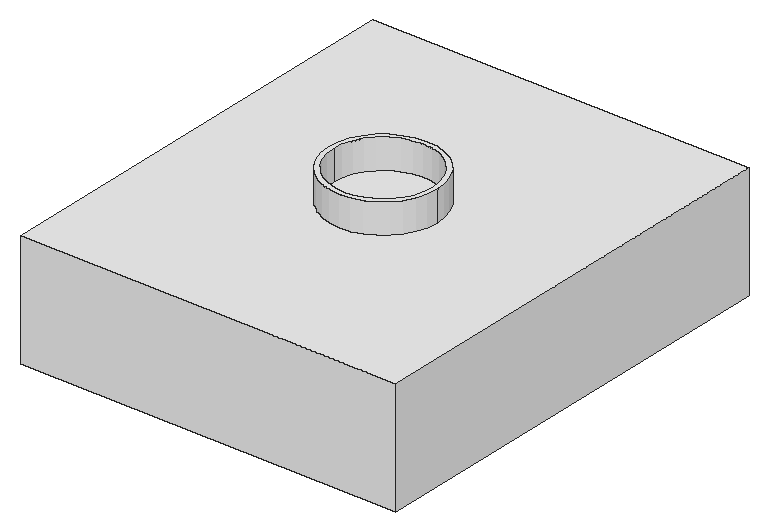
Revit family "Lighting-Recessed-Amerlux-EZRLW", category Lighting Fixtures, host Face, Revit 2015
Parameters (values of type "Trimless")
  Width = 12 3/16"
  Wattage = 9.2903 W
  built-in parameter 1150110 = 1 (stored number, unit not read)
  Voltage = 0 V
  URL = "http://www.amerlux.com/"
  Trim Size = 4 3/8"
  Trim [instance] = no
  built-in parameter 1114217 = 1 (stored number, unit not read)
  Tilt Angle = -90.00°
  built-in parameter 1150109 = 1 (stored number, unit not read)
  built-in parameter 1150134 = 3
  built-in parameter 1150113 = 1 (stored number, unit not read)
  Power Factor = 1
  Photometric Web File = "generic"
  Number of Poles = 1
  built-in parameter 1150142 = (empty or 0)
  Model Number = ""
  Model = "EZRLW"
  Manufacturer = "Amerlux"
  built-in parameter 1150105 = 109.82 (stored number, unit not read)
  Lumens = 1380 lm
  built-in parameter 1150115 = 1 (stored number, unit not read)
  built-in parameter 1150137 = (empty or 0)
  built-in parameter 1150139 = (empty or 0)
  Length = 14 1/2"
  built-in parameter 1150112 = 1 (stored number, unit not read)
  built-in parameter 1150114 = 1 (stored number, unit not read)
  Lamp = "LED"
  built-in parameter 1150132 = (empty or 0)
  built-in parameter 1150102 = (empty or 0)
  built-in parameter 1150107 = 3200 (stored number, unit not read)
  built-in parameter 1150138 = (empty or 0)
  built-in parameter 1150106 = 1.0982 (stored number, unit not read)
  Height = 4"
  Emit from Circle Diameter = Aperture Size  # 2 3/4"
  Emit Shape Visible in Rendering = no
  built-in parameter 1150104 = 13.8 (stored number, unit not read)
  Dimming Lamp Color Temperature Shift = <None>
  Dimming = ""
  Description = "Shallow Round Wall Wash"
  Default Elevation = 48"
  Color Filter = 16777215
  built-in parameter 1114218 = 1 (stored number, unit not read)
  built-in parameter 1150133 = 10 (stored number, unit not read)
  Apparent Load = 0 VA
  Aperture Size = 2 3/4"
Types (3): name | Trim
  (no name) | no
  Trim | yes
  Trimless | no
Reference planes (in)
  plane 1 "Center (Front/Back)": y = 0
  plane 2: z = 0
  plane 3 "Center (Left/Right)": x = 0
  plane 4: x = -7.25
  plane 5: x = 7.25
  plane 6: z = -4
  plane 7: y = 6.09375
  plane 8: y = -6.09375
Forms (in)
  Extrusion 1, solid, material "Housing"
    sketch origin (0, 0, 0) x (1, 0, 0) y (0, 1, 0)
      loop
        line (-5.16548, 6.09375) -> (-5.16548, -6.09375) -> (5.22568, -6.09375) -> (5.22568, 6.09375) -> (-5.16548, 6.09375)
    from -4 to -0.8255
  Extrusion 2, solid, material "Trim Finish", visible <- "Trim"
    sketch origin (0, 0, 0) x (1, 0, 0) y (0, 1, 0)
      loop
        circle (0, 0) r 2.1875
      loop
        circle (0, 0) r 1.375
    from 0 to 0.08709
  Extrusion 3, solid, material "Housing"
    sketch origin (0, 0, 0) x (1, 0, 0) y (0, 1, 0)
      loop
        circle (0, 0) r 1.375
      loop
        circle (0, 0) r 1.5
    from -0.8255 to 0
  Extrusion 4, void
    sketch origin (0, 0, 0) x (1, 0, 0) y (0, 1, 0)
      loop
        circle (0, 0) r 1.375
    from -0.8255 to 0.08709
Cuts and joins
  Extrusion 4 cuts Extrusion 2
Dimensions and locks (in)
  "Height": plane 6 to host face
  "Length": plane 4 to plane 5
  equal spacing: plane 7, plane 1 "Center (Front/Back)", plane 8
  equal spacing: plane 4, plane 3 "Center (Left/Right)", plane 5
  "Width": plane 7 to plane 8
  "Aperture Size": diameter of Extrusion 2 sketch curve
  "Trim Size": diameter of Extrusion 2 sketch curve
  "Aperture Size": diameter of Extrusion 3 sketch curve
  "Aperture Size": diameter of Extrusion 4 sketch curve
  aligned and locked: plane 2 to host face
  aligned and locked: level to host face
  aligned and locked: Extrusion 1 to plane 6
  aligned and locked: Extrusion 1 to plane 8
  aligned and locked: Extrusion 3 to Extrusion 1
  aligned and locked: level to Extrusion 3
  aligned and locked: plane 7 to Extrusion 1
Automatic sketch dimensions
  host sketch curve to host sketch curve = 54.51167"
  host sketch curve to host sketch curve = 52.40009"
  plane 4 to Extrusion 1 sketch curve = 2.08452"
  Extrusion 1 sketch curve to plane 5 = 2.02432"
  Extrusion 1 sketch curve to plane 8 = 0"
  Extrusion 1 sketch curve to plane 7 = 0"
  Extrusion 2 sketch curve to Extrusion 2 sketch curve = 0"  (x2)
  plane 1 "Center (Front/Back)" to Extrusion 2 sketch curve = 0"
  Extrusion 2 sketch curve to plane 3 "Center (Left/Right)" = 0"
  Extrusion 3 sketch curve to Extrusion 3 sketch curve = 0"  (x2)
  plane 1 "Center (Front/Back)" to Extrusion 3 sketch curve = 0"
  Extrusion 3 sketch curve to plane 3 "Center (Left/Right)" = 0"
  plane 1 "Center (Front/Back)" to Extrusion 4 sketch curve = 0"
  Extrusion 4 sketch curve to plane 3 "Center (Left/Right)" = 0"
  radius of Extrusion 3 sketch curve = 1 1/2"
Connectors (in)
  electrical at (0.0301, 0, -4), driven by "Number of Poles", driven by "Voltage", driven by "Apparent Load", driven by "Power Factor"
    settings: on Extrusion 1, index 1, voltage 0 V, apparent load 0 VA, apparent load phase1 0 VA, apparent load phase2 0 VA, apparent load phase3 0 VA, power factor 1, load classification "Other", number of poles 1, system type 31, power factor state 1, is connector primary yes, connector utility no, sub classification motor no, connector description "Power"
